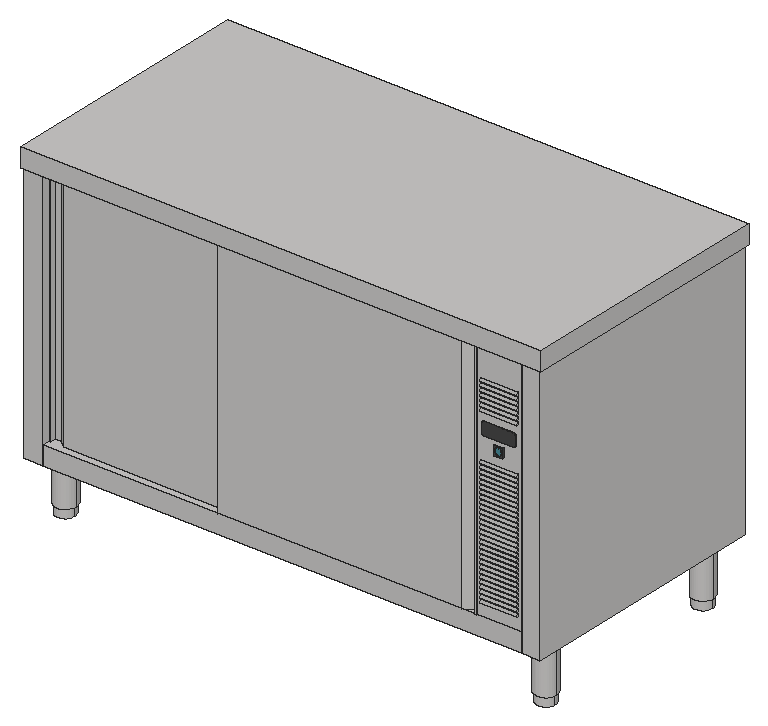
Revit family "QF_ZANUSSI_132797_MTCD1400PN", category Attrezzature speciali, Revit 2020
Family settings
  Quota connettore circolare = Usa diametro
  Tipo di parte = Normale
  Basato su piano di lavoro = No
  Sempre verticale = Sì
  Taglio con vuoti quando caricato = No
  Condiviso = No
  Punto di calcolo locali = No
Parameters (values of type "Standard")
  Weight = 60.00 kg
  Watts = 2400 W
  Volts = 220 V
  URL Manufacturer = "http://www.zanussiprofessional.com"
  URL = "http://www.zanussiprofessional.com"
  Steam Supply Size = 0 mm
  Steam Supply Minimum Pressure = 0.0 Pa
  Steam Supply Maximum Pressure = 0.0 Pa
  Steam Consumption per Hour = 0
  Refrigeration Suction Line Size = 0.0 mm
  Refrigeration Liquid Line Size = 0.0 mm
  Refrigerant Compressor Remote = yes
  Prospetto di default = 0.0 mm
  Produttore = "Zanussi"
  Phase = 1
  Modello = "MTCD1400PN"
  Length Actual = 1400.0 mm  # constant formula
  Item Number = "132797"
  Hot Water Size = 0 mm
  Height Actual = 900.0 mm  # constant formula
  HP = "3.2 HP"
  Gas Size = 0 mm
  Gas KW = 0
  Gas Input Pressure = 0 W
  Direct Waste Size = 0 mm
  Descrizione = "HOT PASST.CUPB.VENT+SHELF+SLIDING D.1400"
  Depth Actual = 700.0 mm  # constant formula
  Cycle = 50 Hz
  Condensate Return Size = 0 mm
  Compressed Air Volume = 0.0 L/s
  Compressed Air Size = 0 mm
  Compressed Air Pressure = 0.0 Pa
  Cold Water Size = 0 mm
  Accessory = yes
Reference planes
  plane 1 "Center (Front/Back)": y = 0
  plane 2: z = 0
  plane 3 "Center (Left/Right)": x = -200
  plane 4 "LEFT": x = -900
  plane 5 "RIGHT": x = 500
  plane 6 "BACK": y = 350
  plane 7 "FRONT": y = -350
  plane 8 "Base": z = 850
  plane 9 "TOP": z = 900
  plane 10: x = -846.5
  plane 11: x = 446.5
  plane 12: y = 264.5
  plane 13: y = -264.5
  plane 14 "BodyLeft": x = -894.5
  plane 15 "BodyFront": y = -344.5
  plane 16 "BodyRight": x = 494.5
  plane 17 "BodyBack": y = 344.5
  plane 18 "FEET": z = 150
  plane 19: x = 324.5
  plane 20: x = -261
  plane 21: x = 444.5
  plane 22: x = 400
  plane 23: y = -170
Forms (mm)
  Extrusion 1, solid, material "QF_Finishes_Stainless Steel"
    sketch origin (-200, 0, 0) x (0, 1, 0) y (0, 0, 1)
      loop
        line (-350, 850) -> (350, 850) -> (350, 900) -> (-350, 900) -> (-350, 850)
    from 700 to -700
  Extrusion 2, solid, material "QF_Finishes_Stainless Steel"
    sketch origin (0, 0, 150) x (-1, 0, 0) y (0, -1, 0)
      loop
        line (894.5, -344.5) -> (894.5, 344.5) -> (844.5, 344.5) -> (844.5, -344.5) -> (894.5, -344.5)
      loop
        line (-444.5, -344.5) -> (-444.5, 344.5) -> (-494.5, 344.5) -> (-494.5, -344.5) -> (-444.5, -344.5)
    from 0 to 700
  Extrusion 3, solid, material "QF_Finishes_Stainless Steel"
    sketch origin (0, 0, 150) x (-1, 0, 0) y (0, -1, 0)
      loop
        line (844.5, -344.5) -> (844.5, 344.5) -> (-444.5, 344.5) -> (-444.5, -344.5) -> (844.5, -344.5)
    from 0 to 50
  Extrusion 4, solid, material "QF_Finishes_Stainless Steel"
    sketch origin (-1, 0, 150) x (-1, 0, 0) y (0, -1, 0)
      loop
        line (-325.5, 344.5) -> (-325.5, 324.5) -> (370.5, 324.5) -> (370.5, 344.5) -> (-285.5, 344.5) -> (-305.5, 329.5) -> (-320.5, 329.5) -> (-320.5, 344.5) -> (-325.5, 344.5)
    from 50 to 700
  Extrusion 5, solid, material "QF_Finishes_Stainless Steel"
    sketch origin (1, 20, 150) x (1, 0, 0) y (0, 1, 0)
      loop
        line (-845.5, -344.5) -> (-840.5, -344.5) -> (-840.5, -329.5) -> (-825.5, -329.5) -> (-805.5, -344.5) -> (-151.5, -344.5) -> (-151.5, -324.5) -> (-845.5, -324.5) -> (-845.5, -344.5)
    from 50 to 700
  Extrusion 6, solid, material "QF_Finishes_Stainless Steel"
    sketch origin (0, 0, 0) x (1, 0, 0) y (0, 1, 0)
      loop
        line (-844.5, -304.5) -> (324.5, -304.5) -> (324.5, 304.5) -> (-844.5, 304.5) -> (-844.5, -304.5)
    from 500 to 540
  Extrusion 7, solid, material "QF_Finishes_Stainless Steel"
    sketch origin (-1, 0, 150) x (-1, 0, 0) y (0, -1, 0)
      loop
        line (-325.5, -344.5) -> (-320.5, -344.5) -> (-320.5, -329.5) -> (-305.5, -329.5) -> (-285.5, -344.5) -> (370.5, -344.5) -> (370.5, -324.5) -> (-325.5, -324.5) -> (-325.5, -344.5)
    from 50 to 700
  Extrusion 8, solid, material "QF_Finishes_Stainless Steel"
    sketch origin (1, -20, 150) x (1, 0, 0) y (0, 1, 0)
      loop
        line (-845.5, 344.5) -> (-845.5, 324.5) -> (-151.5, 324.5) -> (-151.5, 344.5) -> (-805.5, 344.5) -> (-825.5, 329.5) -> (-840.5, 329.5) -> (-840.5, 344.5) -> (-845.5, 344.5)
    from 50 to 700
  Extrusion 9, solid, material "QF_Finishes_Stainless Steel"
    sketch origin (0, 0, 0) x (1, 0, 0) y (0, 1, 0)
      loop
        line (444.5, 344.5) -> (324.5, 344.5) -> (324.5, 324.5) -> (444.5, 324.5) -> (444.5, 344.5)
    from 200 to 850
  Extrusion 10, solid, material "QF_Finishes_Stainless Steel"
    sketch origin (0, 0, 150) x (-1, 0, 0) y (0, -1, 0)
      loop
        circle (-400, 170) r 10
    from 0 to -5
Cuts and joins
  joined: Extrusion 3, Extrusion 9
Lines and regions (mm)
  symbolic lines
    curve 1: line (500, 350, 900) -> (-900, 350, 900)
    curve 2: line (-900, 350, 900) -> (-900, -350, 900)
    curve 3: line (-900, -350, 900) -> (500, -350, 900)
    curve 4: line (500, -350, 900) -> (500, 350, 900)
    curve 5: line (-900, 337, 900) -> (500, 337, 900)
  symbolic lines, style "SpecialityEquipmentHiddenLines"
    curve 6: line (-894.5, 344.5, 150) -> (494.5, 344.5, 150)
    curve 7: line (-894.5, -344.5, 150) -> (-894.5, 344.5, 150)
    curve 8: line (494.5, -344.5, 150) -> (-894.5, -344.5, 150)
    curve 9: line (494.5, 344.5, 150) -> (494.5, -344.5, 150)
    curve 10: line (-845.5, -304.5, 150) -> (-149.5, -304.5, 150)
    curve 11: line (-149.5, -304.5, 150) -> (-149.5, -324.5, 150)
    curve 12: line (-845.5, -324.5, 150) -> (444.5, -324.5, 150)
    curve 13: line (444.5, -324.5, 150) -> (444.5, -344.5, 150)
    curve 14: line (-845.5, -304.5, 150) -> (-845.5, -324.5, 150)
    curve 15: line (-371.5, -344.5, 0) -> (-371.5, -324.5, 0)
    curve 16: line (-845.5, 304.5, 150) -> (-149.5, 304.5, 150)
    curve 17: line (-845.5, 324.5, 150) -> (444.5, 324.5, 150)
    curve 18: line (-371.5, 344.5, 0) -> (-371.5, 324.5, 0)
    curve 19: line (-150.5, 304.5, 0) -> (-150.5, 324.5, 0)
Dimensions and locks
  plane 4 "LEFT" to plane 5 "RIGHT" = 1400.0 mm
  equal spacing: plane 4 "LEFT", plane 3 "Center (Left/Right)", plane 5 "RIGHT"
  locked: plane 8 "Base" to level at 850
  locked: plane 9 "TOP" to level at 900
  plane 6 "BACK" to plane 7 "FRONT" = 700.0 mm
  equal spacing: plane 6 "BACK", plane 1 "Center (Front/Back)", plane 7 "FRONT"
  locked: plane 4 "LEFT" to plane 14 "BodyLeft" at 5.5
  locked: plane 16 "BodyRight" to plane 5 "RIGHT" at 5.5
  locked: plane 15 "BodyFront" to plane 7 "FRONT" at 5.5
  locked: plane 6 "BACK" to plane 17 "BodyBack" at 5.5
  locked: plane 14 "BodyLeft" to plane 10 at 48
  locked: plane 11 to plane 16 "BodyRight" at 48
  locked: plane 13 to plane 15 "BodyFront" at 80
  locked: plane 17 "BodyBack" to plane 12 at 80
  plane 10 to plane 11 = 1293.0 mm
  plane 12 to plane 13 = 529.0 mm
  locked: plane 14 "BodyLeft" to Extrusion 2 sketch curve at 50
  locked: Extrusion 2 sketch curve to Extrusion 2 sketch curve at 50
  equal spacing: plane 10, plane 20, plane 19
  locked: plane 21 to plane 16 "BodyRight" at 50
  locked: plane 19 to plane 21 at 120
  locked: Extrusion 4 sketch curve to plane 20 at 110.5
  locked: plane 20 to Extrusion 5 sketch curve at 110.5
  locked: plane 18 "FEET" to level at 150
  locked: plane 22 to plane 5 "RIGHT" at 100
  locked: plane 23 to plane 7 "FRONT" at 180
  aligned and locked: level to plane 2
  aligned and locked: plane 10 to nested 1
  aligned and locked: nested 1 to plane 13
  aligned and locked: plane 11 to nested 2
  aligned and locked: nested 2 to plane 13
  aligned and locked: plane 11 to nested 4
  aligned and locked: nested 4 to plane 12
  aligned and locked: plane 10 to nested 3
  aligned and locked: nested 3 to plane 12
  aligned and locked: Extrusion 1 to plane 4 "LEFT"
  aligned and locked: plane 5 "RIGHT" to Extrusion 1
  aligned and locked: curve 2 to plane 4 "LEFT"
  aligned and locked: plane 17 "BodyBack" to Extrusion 2 sketch curve
  aligned and locked: Extrusion 2 sketch curve to plane 15 "BodyFront"
  aligned and locked: Extrusion 2 sketch curve to plane 14 "BodyLeft"
  aligned and locked: plane 16 "BodyRight" to Extrusion 2 sketch curve
  aligned and locked: Extrusion 2 sketch curve to plane 17 "BodyBack"
  aligned and locked: plane 15 "BodyFront" to Extrusion 2 sketch curve
  aligned and locked: Extrusion 3 sketch curve to plane 17 "BodyBack"
  aligned and locked: plane 15 "BodyFront" to Extrusion 3 sketch curve
  aligned and locked: plane 8 "Base" to Extrusion 2
  aligned and locked: plane 8 "Base" to Extrusion 4
  aligned and locked: Extrusion 4 to Extrusion 3
  aligned and locked: Extrusion 1 to plane 8 "Base"
  aligned and locked: plane 9 "TOP" to Extrusion 1
  aligned and locked: curve 6 to plane 17 "BodyBack"
  aligned and locked: plane 14 "BodyLeft" to curve 7
  aligned and locked: plane 15 "BodyFront" to curve 8
  aligned and locked: plane 16 "BodyRight" to curve 9
  aligned and locked: Extrusion 3 to Extrusion 2  (x2)
  aligned and locked: Extrusion 6 sketch curve to Extrusion 2
  aligned and locked: Extrusion 6 sketch curve to Extrusion 5
  aligned and locked: curve 19 to Extrusion 8
  aligned and locked: curve 18 to Extrusion 7
  aligned and locked: nested 5 to plane 21
  aligned and locked: Extrusion 6 sketch curve to plane 19
Automatic sketch dimensions
  Extrusion 7 sketch curve to plane 19 = 0.0 mm
  Extrusion 7 sketch curve to plane 17 "BodyBack" = 0.0 mm  (x2)
  Extrusion 7 sketch curve to Extrusion 7 sketch curve = 5.0 mm
  Extrusion 7 sketch curve to Extrusion 7 sketch curve = 15.0 mm
  Extrusion 7 sketch curve to Extrusion 7 sketch curve = 20.0 mm
  plane 17 "BodyBack" to Extrusion 7 sketch curve = 20.0 mm
  plane 20 to Extrusion 7 sketch curve = 110.5 mm
  plane 17 "BodyBack" to Extrusion 7 sketch curve = 15.0 mm
  curve 15 to plane 15 "BodyFront" = 0.0 mm
  plane 15 "BodyFront" to curve 15 = 20.0 mm
  curve 15 to plane 20 = 110.5 mm
  curve 3 to plane 7 "FRONT" = 0.0 mm
  curve 5 to plane 5 "RIGHT" = 0.0 mm
  curve 4 to plane 6 "BACK" = 0.0 mm
  curve 5 to plane 17 "BodyBack" = 7.5 mm
  Extrusion 1 sketch curve to plane 7 "FRONT" = 0.0 mm
  Extrusion 1 sketch curve to plane 6 "BACK" = 0.0 mm
  Extrusion 1 sketch curve to plane 8 "Base" = 0.0 mm
  Extrusion 1 sketch curve to plane 9 "TOP" = 0.0 mm
  Extrusion 3 sketch curve to plane 21 = 0.0 mm
  plane 10 to Extrusion 3 sketch curve = 2.0 mm
  Extrusion 4 sketch curve to plane 19 = 0.0 mm
  Extrusion 4 sketch curve to plane 15 "BodyFront" = 0.0 mm  (x2)
  Extrusion 4 sketch curve to Extrusion 4 sketch curve = 5.0 mm
  Extrusion 4 sketch curve to Extrusion 4 sketch curve = 15.0 mm  (x2)
  Extrusion 4 sketch curve to Extrusion 4 sketch curve = 20.0 mm  (x2)
  Extrusion 5 sketch curve to plane 15 "BodyFront" = 20.0 mm  (x2)
  Extrusion 5 sketch curve to plane 10 = 42.0 mm
  Extrusion 5 sketch curve to plane 10 = 22.0 mm
  Extrusion 5 sketch curve to plane 10 = 7.0 mm
  Extrusion 5 sketch curve to plane 10 = 2.0 mm
  Extrusion 5 sketch curve to Extrusion 5 sketch curve = 15.0 mm
  Extrusion 5 sketch curve to Extrusion 5 sketch curve = 20.0 mm
  curve 13 to plane 21 = 0.0 mm
  curve 17 to plane 21 = 0.0 mm
  curve 8 to plane 15 "BodyFront" = 0.0 mm
  plane 3 "Center (Left/Right)" to curve 10 = 50.5 mm
  plane 10 to curve 12 = 1.0 mm
  plane 15 "BodyFront" to curve 10 = 40.0 mm
  curve 12 to curve 13 = 20.0 mm
  plane 3 "Center (Left/Right)" to curve 16 = 50.5 mm
  plane 10 to curve 17 = 1.0 mm
  plane 10 to curve 16 = 1.0 mm
  curve 17 to plane 17 "BodyBack" = 20.0 mm
  plane 12 to curve 16 = 40.0 mm
  plane 12 to Extrusion 6 sketch curve = 40.0 mm
  plane 10 to Extrusion 8 sketch curve = 2.0 mm
  Extrusion 8 sketch curve to Extrusion 8 sketch curve = 5.0 mm
  Extrusion 8 sketch curve to Extrusion 8 sketch curve = 15.0 mm  (x2)
  Extrusion 8 sketch curve to plane 17 "BodyBack" = 20.0 mm  (x2)
  Extrusion 8 sketch curve to Extrusion 8 sketch curve = 20.0 mm  (x2)
  plane 3 "Center (Left/Right)" to Extrusion 8 sketch curve = 49.5 mm
  curve 18 to plane 17 "BodyBack" = 0.0 mm
  curve 18 to plane 17 "BodyBack" = 20.0 mm
  plane 12 to curve 19 = 40.0 mm
  curve 19 to curve 19 = 20.0 mm
  Extrusion 9 sketch curve to plane 17 "BodyBack" = 0.0 mm
  Extrusion 9 sketch curve to plane 19 = 0.0 mm
  Extrusion 9 sketch curve to plane 21 = 0.0 mm
  Extrusion 9 sketch curve to plane 17 "BodyBack" = 20.0 mm
  Extrusion 10 sketch curve to plane 22 = 0.0 mm
  Extrusion 10 sketch curve to plane 23 = 0.0 mm
  radius of Extrusion 10 sketch curve = 10.0 mm
Nested families
  nested 1: "FEET_D58-150" at (-846.5, -264.5, 0), type "FEET_D58-150"
  nested 2: "FEET_D58-150" at (446.5, -264.5, 0), type "FEET_D58-150"
  nested 3: "FEET_D58-150" at (-846.5, 264.5, 0), type "FEET_D58-150"
  nested 4: "FEET_D58-150" at (446.5, 264.5, 0), type "FEET_D58-150"
  nested 5: "WT_PNL120x650" at (531.42, -304.5, 600) x (1, 0, 0) z (0, -1, 0), type "WT_PNL120x650"
    with Show Logo yes
Connectors
  electrical at (400, -170, 145)
    settings: on Extrusion 10, index 1, voltage 0 V, apparent load 0 VA, apparent load phase1 0 VA, apparent load phase2 0 VA, apparent load phase3 0 VA, power factor 1, load classification "Other", number of poles 1, system type 30, power factor state 1, is connector primary yes, connector utility no, sub classification motor no, connector description "Electrical connection"
Definition of nested family "FEET_D58-150"
  Parameters
    Default Elevation = 0.0 mm
    FEET = 150.0 mm
  Reference planes
    plane 1 "Center (Front/Back)": y = 0
    plane 2: z = 0
    plane 3 "Center (Left/Right)": x = 0
    plane 4: z = 150
  Forms (mm)
    Extrusion 1, solid
      sketch origin (0, 0, 0) x (1, 0, 0) y (0, 1, 0)
        loop
          circle (0, 0) r 25
      from 0 to 25
    Extrusion 2, solid
      sketch origin (0, 0, 0) x (1, 0, 0) y (0, 1, 0)
        loop
          circle (0.061, 0) r 29
      from 25 to 150 <- "FEET"
  Lines and regions (mm)
    symbolic lines
      curve 1: line (0, -1.503, 0) -> (0, 1.508, 0)
      curve 2: line (1.561, 0, 0) -> (-1.439, 0, 0)
  Dimensions and locks
    "FEET": plane 4 to plane 2
    aligned and locked: level to plane 2
  Automatic sketch dimensions
    plane 1 "Center (Front/Back)" to Extrusion 1 sketch curve = 0.0 mm
    Extrusion 1 sketch curve to plane 3 "Center (Left/Right)" = 0.0 mm
    plane 1 "Center (Front/Back)" to curve 2 = 0.0 mm
    curve 1 to plane 3 "Center (Left/Right)" = 0.0 mm
    curve 2 to plane 3 "Center (Left/Right)" = 1.439 mm
    plane 3 "Center (Left/Right)" to curve 2 = 1.561 mm
    plane 1 "Center (Front/Back)" to curve 1 = 1.503 mm
    curve 1 to plane 1 "Center (Front/Back)" = 1.508 mm
    plane 1 "Center (Front/Back)" to Extrusion 2 sketch curve = 0.0 mm
    plane 3 "Center (Left/Right)" to Extrusion 2 sketch curve = 0.061 mm
    radius of Extrusion 1 sketch curve = 25.0 mm
    radius of Extrusion 2 sketch curve = 29.0 mm
Definition of nested family "WT_PNL120x650"
  Parameters
    Show Logo [instance] = yes
    Default Elevation = 1219.2 mm
  Reference planes
    plane 1 "Center (Front/Back)": y = -75
    plane 2: z = 0
    plane 3 "Center (Left/Right)": x = -146.92
    plane 4: x = -206.92
    plane 5: x = -86.92
    plane 6: y = 250
    plane 7: y = -400
    plane 8 "TOP": z = 40
  Forms (mm)
    Extrusion 1, solid
      sketch origin (0, 0, 0) x (1, 0, 0) y (0, 1, 0)
        loop
          line (-1219.2, 1219.2) -> (-1219.2, -1219.2) -> (1219.2, -1219.2) -> (1219.2, 1219.2) -> (-1219.2, 1219.2)
      from 0 to -304.8
    Extrusion 2, solid
      sketch origin (0, 0, 0) x (1, 0, 0) y (0, 1, 0)
        loop
          line (-206.92, 250) -> (-206.92, -400) -> (-86.92, -400) -> (-86.92, 250) -> (-206.92, 250)
      from 0 to 40
    Extrusion 3, void
      sketch origin (0, 0, 40) x (-1, 0, 0) y (0, -1, 0)
        loop
          arc (101.92, -68.899) -> (103.795, -73.256) -> (108.247, -74.89) r 6
          line (108.247, -74.89) -> (185.92, -74.89)
          arc (185.92, -74.89) -> (190.163, -73.133) -> (191.92, -68.89) r 6
          line (191.92, -68.89) -> (191.92, -45.89)
          arc (191.92, -45.89) -> (190.163, -41.648) -> (185.92, -39.89) r 6
          line (185.92, -39.89) -> (107.92, -39.89)
          arc (107.92, -39.89) -> (103.677, -41.648) -> (101.92, -45.89) r 6
          line (101.92, -45.89) -> (101.92, -68.899)
        loop
          line (158.92, -27.89) -> (158.92, -2.89) -> (134.92, -2.89) -> (134.92, -27.89) -> (158.92, -27.89)
      from -2 to 0
    Extrusion 4, solid
      sketch origin (0, 0, 40) x (-1, 0, 0) y (0, -1, 0)
        loop
          line (185.92, -39.89) -> (107.92, -39.89)
          arc (107.92, -39.89) -> (103.677, -41.648) -> (101.92, -45.89) r 6
          line (101.92, -45.89) -> (101.92, -68.899)
          arc (101.92, -68.899) -> (103.795, -73.256) -> (108.247, -74.89) r 6
          line (108.247, -74.89) -> (185.92, -74.89)
          arc (185.92, -74.89) -> (190.163, -73.133) -> (191.92, -68.89) r 6
          line (191.92, -68.89) -> (191.92, -45.89)
          arc (191.92, -45.89) -> (190.163, -41.648) -> (185.92, -39.89) r 6
      from -2 to 1
    Extrusion 5, solid
      sketch origin (-146.92, 0, 0) x (0, 1, 0) y (0, 0, 1)
        loop
          line (95.896, 40) -> (104.899, 40) -> (95.896, 41.206) -> (95.896, 40)
        loop
          line (107.896, 40) -> (116.899, 40) -> (107.896, 41.206) -> (107.896, 40)
        loop
          line (119.896, 40) -> (128.899, 40) -> (119.896, 41.206) -> (119.896, 40)
        loop
          line (131.896, 40) -> (140.899, 40) -> (131.896, 41.206) -> (131.896, 40)
        loop
          line (143.896, 40) -> (152.899, 40) -> (143.896, 41.206) -> (143.896, 40)
        loop
          line (155.896, 40) -> (164.899, 40) -> (155.896, 41.206) -> (155.896, 40)
        loop
          line (167.896, 40) -> (176.899, 40) -> (167.896, 41.206) -> (167.896, 40)
        loop
          line (-102.104, 40) -> (-93.101, 40) -> (-102.104, 41.206) -> (-102.104, 40)
        loop
          line (-90.104, 40) -> (-81.101, 40) -> (-90.104, 41.206) -> (-90.104, 40)
        loop
          line (-78.104, 40) -> (-69.101, 40) -> (-78.104, 41.206) -> (-78.104, 40)
        loop
          line (-66.104, 40) -> (-57.101, 40) -> (-66.104, 41.206) -> (-66.104, 40)
        loop
          line (-54.104, 40) -> (-45.101, 40) -> (-54.104, 41.206) -> (-54.104, 40)
        loop
          line (-42.104, 40) -> (-33.101, 40) -> (-42.104, 41.206) -> (-42.104, 40)
        loop
          line (-30.104, 40) -> (-21.101, 40) -> (-30.104, 41.206) -> (-30.104, 40)
        loop
          line (-174.104, 40) -> (-165.101, 40) -> (-174.104, 41.206) -> (-174.104, 40)
        loop
          line (-162.104, 40) -> (-153.101, 40) -> (-162.104, 41.206) -> (-162.104, 40)
        loop
          line (-150.104, 40) -> (-141.101, 40) -> (-150.104, 41.206) -> (-150.104, 40)
        loop
          line (-138.104, 40) -> (-129.101, 40) -> (-138.104, 41.206) -> (-138.104, 40)
        loop
          line (-126.104, 40) -> (-117.101, 40) -> (-126.104, 41.206) -> (-126.104, 40)
        loop
          line (-114.104, 40) -> (-105.101, 40) -> (-114.104, 41.206) -> (-114.104, 40)
        loop
          line (-246.104, 40) -> (-237.101, 40) -> (-246.104, 41.206) -> (-246.104, 40)
        loop
          line (-234.104, 40) -> (-225.101, 40) -> (-234.104, 41.206) -> (-234.104, 40)
        loop
          line (-222.104, 40) -> (-213.101, 40) -> (-222.104, 41.206) -> (-222.104, 40)
        loop
          line (-210.104, 40) -> (-201.101, 40) -> (-210.104, 41.206) -> (-210.104, 40)
        loop
          line (-198.104, 40) -> (-189.101, 40) -> (-198.104, 41.206) -> (-198.104, 40)
        loop
          line (-186.104, 40) -> (-177.101, 40) -> (-186.104, 41.206) -> (-186.104, 40)
        loop
          line (-318.104, 40) -> (-309.101, 40) -> (-318.104, 41.206) -> (-318.104, 40)
        loop
          line (-306.104, 40) -> (-297.101, 40) -> (-306.104, 41.206) -> (-306.104, 40)
        loop
          line (-294.104, 40) -> (-285.101, 40) -> (-294.104, 41.206) -> (-294.104, 40)
        loop
          line (-282.104, 40) -> (-273.101, 40) -> (-282.104, 41.206) -> (-282.104, 40)
        loop
          line (-270.104, 40) -> (-261.101, 40) -> (-270.104, 41.206) -> (-270.104, 40)
        loop
          line (-258.104, 40) -> (-249.101, 40) -> (-258.104, 41.206) -> (-258.104, 40)
        loop
          line (-366.104, 40) -> (-357.101, 40) -> (-366.104, 41.206) -> (-366.104, 40)
        loop
          line (-354.104, 40) -> (-345.101, 40) -> (-354.104, 41.206) -> (-354.104, 40)
        loop
          line (-342.104, 40) -> (-333.101, 40) -> (-342.104, 41.206) -> (-342.104, 40)
        loop
          line (-330.104, 40) -> (-321.101, 40) -> (-330.104, 41.206) -> (-330.104, 40)
      from -50 to 50
    Extrusion 6, solid
      sketch origin (0, 0, 40) x (-1, 0, 0) y (0, -1, 0)
        loop
          line (134.92, -27.89) -> (158.92, -27.89) -> (158.92, -2.89) -> (134.92, -2.89) -> (134.92, -27.89)
        loop
          circle (146.92, -15.39) r 9
      from -2 to 3
    Extrusion 7, solid
      sketch origin (0, 0, 40) x (-1, 0, 0) y (0, -1, 0)
        loop
          circle (146.92, -15.39) r 9
      from 0 to 3
  Cuts and joins
    Extrusion 3 cuts Extrusion 2
  Dimensions and locks
    equal spacing: plane 6, plane 1 "Center (Front/Back)", plane 7
    equal spacing: plane 4, plane 3 "Center (Left/Right)", plane 5
    plane 8 "TOP" to level = 40.0 mm
    aligned and locked: plane 2 to Extrusion 1
    aligned and locked: level to Extrusion 1
  Automatic sketch dimensions
    Extrusion 1 sketch curve to Extrusion 1 sketch curve = 2438.4 mm  (x2)
    Extrusion 2 sketch curve to plane 4 = 0.0 mm
    Extrusion 2 sketch curve to plane 5 = 0.0 mm
    Extrusion 2 sketch curve to plane 7 = 0.0 mm
    Extrusion 2 sketch curve to plane 6 = 0.0 mm
    Extrusion 5 sketch curve to plane 8 "TOP" = 0.0 mm  (x36)
    Extrusion 5 sketch curve to Extrusion 5 sketch curve = 9.003 mm  (x35)
    plane 8 "TOP" to Extrusion 5 sketch curve = 1.206 mm  (x22)
    Extrusion 5 sketch curve to Extrusion 5 sketch curve = 2.997 mm  (x33)
    plane 1 "Center (Front/Back)" to Extrusion 5 sketch curve = 6.101 mm
    plane 1 "Center (Front/Back)" to Extrusion 5 sketch curve = 3.104 mm
    Extrusion 5 sketch curve to plane 1 "Center (Front/Back)" = 5.899 mm
    Extrusion 5 sketch curve to Extrusion 5 sketch curve = 116.997 mm
    Extrusion 5 sketch curve to Extrusion 5 sketch curve = 1.206 mm  (x14)
    Extrusion 4 sketch curve to plane 5 = 15.0 mm
    Extrusion 4 sketch curve to Extrusion 4 sketch curve = 6.0 mm  (x3)
    Extrusion 4 sketch curve to Extrusion 4 sketch curve = 0.327 mm
    plane 4 to Extrusion 4 sketch curve = 21.0 mm  (x2)
    Extrusion 4 sketch curve to plane 1 "Center (Front/Back)" = 149.89 mm
    Extrusion 4 sketch curve to Extrusion 4 sketch curve = 23.009 mm
    Extrusion 3 sketch curve to plane 5 = 15.0 mm
    Extrusion 3 sketch curve to Extrusion 3 sketch curve = 6.0 mm  (x3)
    Extrusion 3 sketch curve to Extrusion 3 sketch curve = 0.327 mm
    plane 3 "Center (Left/Right)" to Extrusion 3 sketch curve = 12.0 mm
    Extrusion 3 sketch curve to plane 3 "Center (Left/Right)" = 12.0 mm
    plane 4 to Extrusion 3 sketch curve = 21.0 mm  (x2)
    Extrusion 3 sketch curve to plane 1 "Center (Front/Back)" = 149.89 mm
    Extrusion 3 sketch curve to Extrusion 3 sketch curve = 23.0 mm
    Extrusion 3 sketch curve to Extrusion 3 sketch curve = 12.0 mm
    Extrusion 3 sketch curve to Extrusion 3 sketch curve = 25.0 mm
    Extrusion 6 sketch curve to plane 3 "Center (Left/Right)" = 0.0 mm
    plane 3 "Center (Left/Right)" to Extrusion 6 sketch curve = 12.0 mm
    Extrusion 6 sketch curve to plane 3 "Center (Left/Right)" = 12.0 mm
    Extrusion 6 sketch curve to plane 1 "Center (Front/Back)" = 102.89 mm
    Extrusion 6 sketch curve to Extrusion 6 sketch curve = 12.5 mm  (x2)
    Extrusion 7 sketch curve to plane 3 "Center (Left/Right)" = 0.0 mm
    Extrusion 7 sketch curve to plane 1 "Center (Front/Back)" = 90.39 mm
    radius of Extrusion 6 sketch curve = 9.0 mm
    radius of Extrusion 7 sketch curve = 9.0 mm
